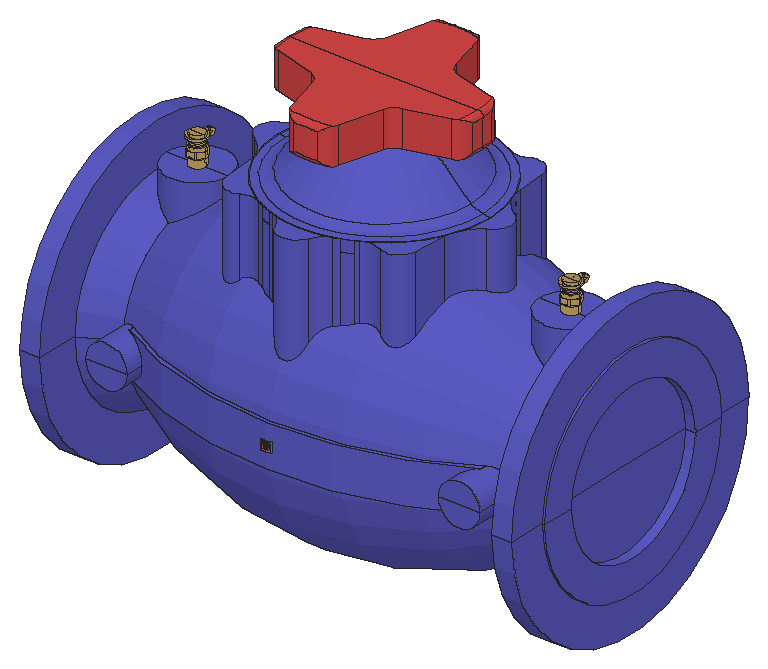
Revit family "Strangregulierventil für Differenzdruckmessung, Geradsitzform 4218 GMF", category Rohrzubehör, Revit 2020
Family settings
  Bemaßung runder Anschluss = Durchmesser verwenden
  Teiletyp = Unterbricht
  OmniClass-Nummer = 23.65.55.14
  OmniClass-Titel = Valves for Liquid Services
  Arbeitsebenenbasiert = Nein
  Immer vertikal = Ja
  Beim Laden mit Abzugskörper schneiden = Nein
  Gemeinsam genutzt = Nein
Parameters
  kvs-Wert [instance] = if(Nennweite = 25.00 mm, 11.53, if(Nennweite = 32.00 mm, 16.6, if(Nennweite = 40.00 mm, 28.6, if(Nennweite = 50.00 mm, 37.84, if(Nennweite = 65.00 mm, 60.3, if(Nennweite = 80.00 mm, 67.8, if(Nennweite = 100.00 mm, 99.55, if(Nennweite = 125.00 mm, 186.58, if(Nennweite = 150.00 mm, 279.05, 0)))))))))  # 279.05
  W02 = 60.00°  # constant formula
  W01 [instance] = if(Nennweite = 25.00 mm, 10.00°, if(Nennweite = 32.00 mm, 10.00°, if(Nennweite = 40.00 mm, 15.00°, if(Nennweite = 50.00 mm, 10.00°, if(Nennweite = 65.00 mm, 25.00°, if(Nennweite = 80.00 mm, 25.00°, 0.80°))))))  # 0.80°
  Vorgabe-Ansicht = 0.00 mm
  Ventiloberteil (bis DN100) = "Messing"  # constant formula
  Ventiloberteil (ab DN125) = "Grauguss"  # constant formula
  Ventilgehäuse = "Grauguss GJL 250 nach EN 1561"  # constant formula
  URL = "www.herz-armaturen.at"
  SCRNSEQ = "ARM;ARM_TYP=\"STRV\";2"
  SCRNCODE = "05;07;02"  # constant formula
  S01 [instance] = Nennweite + 10.00 mm  # 160.00 mm
  R02 [instance] = size_lookup("4218_GMF_", "R2", 1.00 mm, Nennweite)  # 30.00 mm
  R01 [instance] = size_lookup("4218_GMF_", "R1", 1.00 mm, Nennweite)  # 20.00 mm
  O-Ringe = "EPDM"  # constant formula
  Nennweite [instance] = 150.00 mm
  Medium = "Heizwasserqualität entsprechend ÖNORM H 5195 bzw. VDI Richtlinie 2035.\r\nEthylen und Propylenglykol können in einem Verhältnis von 25-50 vol. [%] gemischt werden."
  Max. Betriebstemperatur (bis DN32) = 130 °C  # constant formula
  Max. Betriebstemperatur (ab DN40) = 110 °C  # constant formula
  Max. Betriebsdruck = 1600000.0 Pa  # constant formula
  L03 [instance] = size_lookup("4218_GMF_", "L3", 1.00 mm, Nennweite)  # 180.00 mm
  L02 [instance] = size_lookup("4218_GMF_", "L2", 1.00 mm, Nennweite)  # 170.00 mm
  L01 [instance] = size_lookup("4218_GMF_", "L1", 1.00 mm, Nennweite)  # 185.00 mm
  L00 [instance] = size_lookup("4218_GMF_", "L", 1.00 mm, Nennweite)  # 480.00 mm
  Hersteller = "HERZ Armaturen Ges.m.b.H."  # constant formula
  H08 [instance] = H02 + H04  # 238.50 mm
  H07 = 10.00 mm  # constant formula
  H06 [instance] = size_lookup("4218_GMF_", "H6", 1.00 mm, Nennweite)  # 56.00 mm
  H05 [instance] = size_lookup("4218_GMF_", "H5", 1.00 mm, Nennweite)  # 11.00 mm
  H04 [instance] = size_lookup("4218_GMF_", "H4", 1.00 mm, Nennweite)  # 78.50 mm
  H03 [instance] = size_lookup("4218_GMF_", "H3", 1.00 mm, Nennweite)  # 118.00 mm
  H02N [instance] = H02 + 11.00 mm  # 171.00 mm
  H02 [instance] = size_lookup("4218_GMF_", "H2", 1.00 mm, Nennweite)  # 160.00 mm
  H01 [instance] = size_lookup("4218_GMF_", "H1", 1.00 mm, Nennweite)  # 122.00 mm
  GT = 10.00 mm  # constant formula
  FLL02 [instance] = size_lookup("4218_GMF_", "FLL2", 1.00 mm, Nennweite)  # 19.00 mm
  FLL01 [instance] = size_lookup("4218_GMF_", "FLL1", 1.00 mm, Nennweite)  # 3.00 mm
  FLD03 [instance] = size_lookup("4218_GMF_", "FLD3", 1.00 mm, Nennweite)  # 84.20 mm
  FLD02 [instance] = size_lookup("4218_GMF_", "FLD2", 1.00 mm, Nennweite)  # 101.00 mm
  FLD01 [instance] = size_lookup("4218_GMF_", "FLD1", 1.00 mm, Nennweite)  # 106.00 mm
  FLD00 [instance] = size_lookup("4218_GMF_", "FLD", 1.00 mm, Nennweite)  # 142.50 mm
  Differenzdruckmessnung = "Das STRÖMAX-GMF Strangregulierventil ist mit zwei Schnellmessventilen ausgestattet:\r\nBei Verwendung eines geeigneten Messgerätes kann der Differenzdruck gemessen und dadurch die jeweilige Durchflussmenge in Abhängigkeit der Einstellstufe ermittelt werden.\r\nAn den HERZ-Messcomputern ist außerdem direkt die jeweilige Durchflussmenge ablesbar (siehe Gerätehandbuch)."
  DN80 [instance] = Nennweite = 80.00 mm  # no
  DN65 [instance] = Nennweite = 65.00 mm  # no
  DN50-DN80 [instance] = or(Nennweite = 50.00 mm, Nennweite = 65.00 mm, Nennweite = 80.00 mm)  # no
  DN50 [instance] = Nennweite = 50.00 mm  # no
  DN40 [instance] = Nennweite = 40.00 mm  # no
  DN32 [instance] = Nennweite = 32.00 mm  # no
  DN25-DN40 [instance] = or(Nennweite = 25.00 mm, Nennweite = 32.00 mm, Nennweite = 40.00 mm)  # no
  DN25 [instance] = Nennweite = 25.00 mm  # no
  DN150 [instance] = Nennweite = 150.00 mm  # yes
  DN125 [instance] = Nennweite = 125.00 mm  # no
  DN100-DN125 [instance] = or(Nennweite = 100.00 mm, Nennweite = 125.00 mm, Nennweite = 150.00 mm)  # yes
  DN100 [instance] = Nennweite = 100.00 mm  # no
  D04 [instance] = size_lookup("4218_GMF_", "D4", 1.00 mm, Nennweite)  # 15.00 mm
  D03 [instance] = size_lookup("4218_GMF_", "D3", 1.00 mm, Nennweite)  # 16.00 mm
  D02 [instance] = size_lookup("4218_GMF_", "D2", 1.00 mm, Nennweite)  # 17.00 mm
  D01 [instance] = size_lookup("4218_GMF_", "D1", 1.00 mm, Nennweite)  # 102.50 mm
  D00 [instance] = size_lookup("4218_GMF_", "D", 1.00 mm, Nennweite)  # 140.00 mm
  Bestellnummer [instance] = size_lookup("4218_GMF_", "Artnr", 0, Nennweite)  # 1421851
  BH02 [instance] = -BH01  # -20.00 mm
  BH01 [instance] = if(Nennweite = 25.00 mm, 12.00 mm, if(Nennweite = 32.00 mm, 12.50 mm, if(Nennweite = 40.00 mm, 12.50 mm, if(Nennweite = 50.00 mm, 12.50 mm, if(Nennweite = 65.00 mm, 15.00 mm, if(Nennweite = 80.00 mm, 16.00 mm, if(Nennweite = 100.00 mm, 17.50 mm, if(Nennweite = 125.00 mm, 17.50 mm, if(Nennweite = 150.00 mm, 20.00 mm, 1.00 mm)))))))))  # 20.00 mm
  Ausführung = "Geradsitzform, Gehäuse Grauguss GJL 250 nach EN 1561, Flansche nach EN 1092, PN 16; blau lackiert.\r\nMessing Oberteil bis DN 100 geschraubt, ab DN 125 Ventiloberteil Grauguss mit nicht steigender Spindel, Spindelabdichtung durch Doppel-O-Ring.\r\nVoreinstellung durch Hubbegrenzung mittels Innenspindel, digitale Anzeige der Voreinstellstufe im Handradfenster.\r\nZwei Schnellmessventile sind neben dem Handrad montiert."
  Anwendungen = "Zum hydraulischen Abgleich in Heiz- oder Kühlanlagen, Einregulieren und Absperren von Verteilleitungen, Strängen, Wärmetauschern, Heiz- und Kühlregistern."
  Anschluss [instance] = Nennweite / 2  # 75.00 mm
Reference planes
  plane 1 "Mitte (Vorne/hinten)": y = 0
  plane 2: z = 0
  plane 3 "Mitte (Links/rechts)": x = 0
Forms (mm)
  Revolve 1, solid, material "Herz-Marineblau", detail levels fine
    sketch origin (1058.943, 0, 0) x (1, 0, 0) y (0, 1, 0)
      loop
        line (-1295.943, 142.5) -> (-1295.943, 106) -> (-1298.943, 106) -> (-1298.943, 75) -> (-1288.943, 75) -> (-1288.943, 0) -> (-828.943, 0) -> (-828.943, 75) -> (-818.943, 75) -> (-818.943, 106) -> (-821.943, 106) -> (-821.943, 142.5) -> (-840.943, 142.5) -> (-840.943, 101) -> (-873.943, 84.2)
        arc (-873.943, 84.2) -> (-1058.943, 140) -> (-1243.943, 84.2) r 334.576
        line (-1243.943, 84.2) -> (-1276.943, 101) -> (-1276.943, 142.5) -> (-1295.943, 142.5)
      axis (-1298.943, 0) -> (-818.943, 0)
    angle from 0 to 360
  Revolve 2, solid, material "Herz-Marineblau", detail levels fine
    sketch origin (0, 0, 0) x (1, 0, 0) y (0, 1, 0)
      loop
        line (-170, 122) -> (-190, 122) -> (-190, -122) -> (-170, -122) -> (-170, 122)
      axis (-170, 122) -> (-170, -122)
    angle from 0 to 360
  Revolve 3, solid, material "Herz-Marineblau", detail levels fine
    sketch origin (0, 0, 0) x (-1, 0, 0) y (0, 1, 0)
      loop
        line (-170, 122) -> (-190, 122) -> (-190, -122) -> (-170, -122) -> (-170, 122)
      axis (-170, 122) -> (-170, -122)
    angle from 0 to 360
  Revolve 4, solid, material "Herz-Marineblau", detail levels fine
    sketch origin (0, 0, 0) x (1, 0, 0) y (0, 0, 1)
      loop
        line (0, 0) -> (0, 160) -> (-102.5, 160) -> (-102.5, 0) -> (0, 0)
      axis (0, 160) -> (0, 0)
    angle from 0 to 360
  Revolve 5, solid, material "Herz-Marineblau", detail levels fine
    sketch origin (0, 0, 0) x (1, 0, 0) y (0, 0, 1)
      loop
        line (-178.413, 4.322) -> (-148.416, 4.741) -> (-150.003, 118.419) -> (-180, 118) -> (-178.413, 4.322)
      axis (-180, 118) -> (-178.413, 4.322)
    angle from 0 to 360
  Revolve 6, solid, material "Herz-Marineblau", detail levels fine
    sketch origin (0, 0, 0) x (-1, 0, 0) y (0, 0, 1)
      loop
        line (-178.413, 4.322) -> (-148.416, 4.741) -> (-150.003, 118.419) -> (-180, 118) -> (-178.413, 4.322)
      axis (-180, 118) -> (-178.413, 4.322)
    angle from 0 to 360
  Extrusion 7, solid, material "Herz-Marineblau", visible <- "DN25", detail levels fine
    sketch origin (0, 0, 0) x (1, 0, 0) y (0, 1, 0)
      loop
        line (-40, 18.232) -> (-40, -18.232)
        arc (-40, -18.232) -> (0, -31) -> (40, -18.232) r 69.038
        line (40, -18.232) -> (40, 18.232)
        arc (40, 18.232) -> (0, 31) -> (-40, 18.232) r 69.038
    from -20 <- "BH02" to 20 <- "BH01"
  Extrusion 8, solid, material "Herz-Marineblau", visible <- "DN32", detail levels fine
    sketch origin (0, 0, 0) x (1, 0, 0) y (0, 1, 0)
      loop
        line (-50, 21.35) -> (-50, -21.35)
        arc (-50, -21.35) -> (0, -37) -> (50, -21.35) r 87.698
        line (50, -21.35) -> (50, 21.35)
        arc (50, 21.35) -> (0, 37) -> (-50, 21.35) r 87.698
    from -20 <- "BH02" to 20 <- "BH01"
  Extrusion 9, solid, material "Herz-Marineblau", visible <- "DN40", detail levels fine
    sketch origin (0, 0, 0) x (1, 0, 0) y (0, 1, 0)
      loop
        arc (-60, -22.89) -> (0, -39) -> (60, -22.89) r 119.787
        line (60, -22.89) -> (60, 22.89)
        arc (60, 22.89) -> (0, 39) -> (-60, 22.89) r 119.787
        line (-60, 22.89) -> (-60, -22.89)
    from -20 <- "BH02" to 20 <- "BH01"
  Extrusion 10, solid, material "Herz-Marineblau", visible <- "DN50", detail levels fine
    sketch origin (0, 0, 0) x (1, 0, 0) y (0, 1, 0)
      loop
        line (70, -31.244) -> (70, 31.244)
        arc (70, 31.244) -> (0, 44) -> (-70, 31.244) r 198.442
        line (-70, 31.244) -> (-70, -31.244)
        arc (-70, -31.244) -> (0, -44) -> (70, -31.244) r 198.442
    from -20 <- "BH02" to 20 <- "BH01"
  Extrusion 11, solid, material "Herz-Marineblau", visible <- "DN65", detail levels fine
    sketch origin (0, 0, 0) x (1, 0, 0) y (0, 1, 0)
      loop
        line (-89, 42.065) -> (-89, -42.065)
        arc (-89, -42.065) -> (0, -53) -> (89, -42.065) r 367.662
        line (89, -42.065) -> (89, 42.065)
        arc (89, 42.065) -> (0, 53) -> (-89, 42.065) r 367.662
    from -20 <- "BH02" to 20 <- "BH01"
  Extrusion 12, solid, material "Herz-Marineblau", visible <- "DN80", detail levels fine
    sketch origin (0, 0, 0) x (1, 0, 0) y (0, 1, 0)
      loop
        arc (-100, -47.474) -> (0, -56.538) -> (100, -47.474) r 556.156
        line (100, -47.474) -> (100, 47.474)
        arc (100, 47.474) -> (0, 56.538) -> (-100, 47.474) r 556.156
        line (-100, 47.474) -> (-100, -47.474)
    from -20 <- "BH02" to 20 <- "BH01"
  Extrusion 13, solid, material "Herz-Marineblau", visible <- "DN100", detail levels fine
    sketch origin (0, 0, 0) x (1, 0, 0) y (0, 1, 0)
      loop
        line (-118, 61.457) -> (-118, -61.457)
        arc (-118, -61.457) -> (0, -84.506) -> (118, -61.457) r 313.571
        line (118, -61.457) -> (118, 61.457)
        arc (118, 61.457) -> (0, 84.506) -> (-118, 61.457) r 313.571
    from -20 <- "BH02" to 20 <- "BH01"
  Extrusion 14, solid, material "Herz-Marineblau", visible <- "DN125", detail levels fine
    sketch origin (0, 0, 0) x (1, 0, 0) y (0, 1, 0)
      loop
        line (-140, 76.087) -> (-140, -76.087)
        arc (-140, -76.087) -> (0, -121.009) -> (140, -76.087) r 240.621
        line (140, -76.087) -> (140, 76.087)
        arc (140, 76.087) -> (0, 121.009) -> (-140, 76.087) r 240.621
    from -20 <- "BH02" to 20 <- "BH01"
  Extrusion 15, solid, material "Herz-Marineblau", visible <- "DN150", detail levels fine
    sketch origin (0, 0, 0) x (1, 0, 0) y (0, 1, 0)
      loop
        arc (-170, -95.905) -> (0, -141.967) -> (170, -95.905) r 336.739
        line (170, -95.905) -> (170, 95.905)
        arc (170, 95.905) -> (0, 141.967) -> (-170, 95.905) r 336.739
        line (-170, 95.905) -> (-170, -95.905)
    from -20 <- "BH02" to 20 <- "BH01"
  Extrusion 16, solid, material "Herz-Marineblau", visible <- "DN125", detail levels fine
    sketch origin (0, 0, 0) x (1, 0, 0) y (0, 1, 0)
      loop
        arc (15.676, 98.149) -> (0, 109.5) -> (-15.676, 98.149) r 16.5
        arc (-15.676, 98.149) -> (-20.502, 90.282) -> (-28.346, 85.419) r 20
        arc (-28.346, 85.419) -> (-34.369, 83.168) -> (-40.215, 80.492) r 90
        arc (-40.215, 80.492) -> (-49.468, 78.32) -> (-58.678, 80.663) r 20
        arc (-58.678, 80.663) -> (-75.166, 79.318) -> (-82.2, 64.344) r 16.5
        line (-82.2, 64.344) -> (-85.23, 28.819)
        arc (-85.23, 28.819) -> (-90.21, 20.539) -> (-98.49, 15.56) r 20
        arc (-98.49, 15.56) -> (-109.5, 0) -> (-98.49, -15.56) r 16.5
        arc (-98.49, -15.56) -> (-90.21, -20.539) -> (-85.23, -28.819) r 20
        line (-85.23, -28.819) -> (-82.2, -64.344)
        arc (-82.2, -64.344) -> (-75.166, -79.318) -> (-58.678, -80.663) r 16.5
        arc (-58.678, -80.663) -> (-49.468, -78.32) -> (-40.215, -80.492) r 20
        arc (-40.215, -80.492) -> (-34.369, -83.168) -> (-28.346, -85.419) r 90
        arc (-28.346, -85.419) -> (-20.502, -90.282) -> (-15.676, -98.149) r 20
        arc (-15.676, -98.149) -> (0, -109.5) -> (15.676, -98.149) r 16.5
        arc (15.676, -98.149) -> (20.502, -90.282) -> (28.346, -85.419) r 20
        arc (28.346, -85.419) -> (34.369, -83.168) -> (40.215, -80.492) r 90
        arc (40.215, -80.492) -> (49.468, -78.32) -> (58.678, -80.663) r 20
        arc (58.678, -80.663) -> (75.166, -79.318) -> (82.2, -64.344) r 16.5
        line (82.2, -64.344) -> (85.23, -28.819)
        arc (85.23, -28.819) -> (90.21, -20.539) -> (98.49, -15.56) r 20
        arc (98.49, -15.56) -> (109.5, 0) -> (98.49, 15.56) r 16.5
        arc (98.49, 15.56) -> (90.21, 20.539) -> (85.23, 28.819) r 20
        line (85.23, 28.819) -> (82.2, 64.344)
        arc (82.2, 64.344) -> (75.166, 79.318) -> (58.678, 80.663) r 16.5
        arc (58.678, 80.663) -> (49.468, 78.32) -> (40.215, 80.492) r 20
        arc (40.215, 80.492) -> (34.369, 83.168) -> (28.346, 85.419) r 90
        arc (28.346, 85.419) -> (20.502, 90.282) -> (15.676, 98.149) r 20
    from 0 to 171 <- "H02N"
  Extrusion 17, solid, material "Herz-Marineblau", visible <- "DN150", detail levels fine
    sketch origin (0, 0, 0) x (1, 0, 0) y (0, 1, 0)
      loop
        arc (16.1, 110.958) -> (0, 122.5) -> (-16.1, 110.958) r 17
        arc (-16.1, 110.958) -> (-21.16, 102.981) -> (-29.318, 98.218) r 19.995
        arc (-29.318, 98.218) -> (-39.225, 94.698) -> (-48.72, 90.181) r 102.5
        arc (-48.72, 90.181) -> (-57.856, 87.781) -> (-67.075, 89.844) r 19.995
        arc (-67.075, 89.844) -> (-82.996, 89.381) -> (-91.547, 75.943) r 17
        line (-91.547, 75.943) -> (-94.4, 39.936)
        arc (-94.4, 39.936) -> (-101.42, 25.402) -> (-113.679, 14.903) r 39.4
        arc (-113.679, 14.903) -> (-122.5, 0) -> (-113.679, -14.903) r 17
        arc (-113.679, -14.903) -> (-101.42, -25.402) -> (-94.4, -39.936) r 39.4
        line (-94.4, -39.936) -> (-91.547, -75.943)
        arc (-91.547, -75.943) -> (-82.996, -89.381) -> (-67.075, -89.844) r 17
        arc (-67.075, -89.844) -> (-57.856, -87.781) -> (-48.72, -90.181) r 19.995
        arc (-48.72, -90.181) -> (-39.225, -94.698) -> (-29.318, -98.218) r 102.5
        arc (-29.318, -98.218) -> (-21.16, -102.981) -> (-16.1, -110.958) r 19.995
        arc (-16.1, -110.958) -> (0, -122.5) -> (16.1, -110.958) r 17
        arc (16.1, -110.958) -> (21.16, -102.981) -> (29.318, -98.218) r 19.995
        arc (29.318, -98.218) -> (39.225, -94.698) -> (48.72, -90.181) r 102.5
        arc (48.72, -90.181) -> (57.856, -87.781) -> (67.075, -89.844) r 19.995
        arc (67.075, -89.844) -> (82.996, -89.381) -> (91.547, -75.943) r 17
        line (91.547, -75.943) -> (93.96, -45.484)
        arc (93.96, -45.484) -> (99.132, -28.867) -> (110.958, -16.1) r 39.4
        arc (110.958, -16.1) -> (122.5, 0) -> (110.958, 16.1) r 17
        arc (110.958, 16.1) -> (99.132, 28.867) -> (93.96, 45.484) r 39.4
        line (93.96, 45.484) -> (91.547, 75.943)
        arc (91.547, 75.943) -> (82.996, 89.381) -> (67.075, 89.844) r 17
        arc (67.075, 89.844) -> (57.856, 87.781) -> (48.72, 90.181) r 19.995
        arc (48.72, 90.181) -> (39.225, 94.698) -> (29.318, 98.218) r 102.5
        arc (29.318, 98.218) -> (21.16, 102.981) -> (16.1, 110.958) r 19.995
    from 0 to 171 <- "H02N"
  Revolve 18, solid, material "Herz-Marineblau", detail levels fine
    sketch origin (0, 0, 0) x (1, 0, 0) y (0, 0, 1)
      loop
        line (0, 160) -> (0, 238.5) -> (-15, 238.5) -> (-15, 228.5) -> (-16, 228.5) -> (-16, 227) -> (-17, 227) -> (-17, 171) -> (-102.5, 171) -> (-102.5, 160) -> (0, 160)
      axis (0, 238.5) -> (0, 160)
    angle from 0 to 360
  Revolve 19, solid, material "Herz-Marineblau", visible <- "DN125", detail levels fine
    sketch origin (0, 0, 143) x (1, 0, 0) y (0, 0, 1)
      loop
        line (0, 0) -> (0, 62) -> (-15, 62) -> (-15, 52) -> (-21.8, 52)
        arc (-21.8, 52) -> (-23.44, 48.297) -> (-27.284, 47.023) r 5
        arc (-27.284, 47.023) -> (-30.294, 46.63) -> (-32.827, 44.959) r 6.752
        arc (-32.827, 44.959) -> (-52.854, 27.042) -> (-71.197, 7.406) r 300
        arc (-71.197, 7.406) -> (-77.249, 2.612) -> (-84.666, 0.467) r 20
        line (-84.666, 0.467) -> (-90, 0) -> (0, 0)
      axis (0, 62) -> (0, 0)
    angle from 0 to 360
  Revolve 20, solid, material "Herz-Marineblau", visible <- "DN150", detail levels fine
    sketch origin (0, 0, 171) x (1, 0, 0) y (0, 0, 1)
      loop
        line (0, 67.5) -> (-15, 67.5) -> (-15, 57.5) -> (-21.8, 57.5)
        arc (-21.8, 57.5) -> (-23.44, 53.797) -> (-27.284, 52.523) r 5
        arc (-27.284, 52.523) -> (-29.026, 52.21) -> (-30.549, 51.31) r 5
        arc (-30.549, 51.31) -> (-58.499, 29.932) -> (-83.754, 5.428) r 300
        arc (-83.754, 5.428) -> (-89.037, 2.148) -> (-95.072, 0.65) r 20
        line (-95.072, 0.65) -> (-102.5, 0) -> (0, 0) -> (0, 67.5)
      axis (0, 67.5) -> (0, 0)
    angle from 0 to 360
Lines and regions (mm)
  model lines, detail levels coarse+medium
    curve 1: line (-240, 0, 142.5) -> (-240, 0, -142.5)
    curve 2: line (-240, 0, -142.5) -> (240, 0, 142.5)
    curve 3: line (240, 0, 142.5) -> (240, 0, -142.5)
    curve 4: line (240, 0, -142.5) -> (-240, 0, 142.5)
    curve 5: line (0, 0, 0) -> (137.698, 0, 238.5)
    curve 6: line (68.416, 0, 278.5) -> (206.98, 0, 198.5)
    curve 7: line (-240, 142.5, 0) -> (-240, -142.5, 0)
    curve 8: line (-240, -142.5, 0) -> (240, 142.5, 0)
    curve 9: line (240, 142.5, 0) -> (240, -142.5, 0)
    curve 10: line (240, -142.5, 0) -> (-240, 142.5, 0)
    curve 11: line (0, 0, 0) -> (137.698, 238.5, 0)
    curve 12: line (68.416, 278.5, 0) -> (206.98, 198.5, 0)
Dimensions and locks
  "FLD00": plane 1 "Mitte (Vorne/hinten)" to Revolve 1 sketch curve
  "FLD01": plane 1 "Mitte (Vorne/hinten)" to Revolve 1 sketch curve
  "FLD02": plane 1 "Mitte (Vorne/hinten)" to Revolve 1 sketch curve  (x2)
  "FLD03": plane 1 "Mitte (Vorne/hinten)" to Revolve 1 sketch curve  (x2)
  "GT": Revolve 1 sketch curve to Revolve 1 sketch curve  (x2)
  "FLL01": Revolve 1 sketch curve to Revolve 1 sketch curve  (x2)
  "FLL02": Revolve 1 sketch curve to Revolve 1 sketch curve  (x2)
  equal spacing: Revolve 1 sketch curve, plane 3 "Mitte (Links/rechts)", Revolve 1 sketch curve
  "Anschluss": Revolve 1 sketch curve to plane 1 "Mitte (Vorne/hinten)"
  "Anschluss": plane 1 "Mitte (Vorne/hinten)" to Revolve 1 sketch curve
  "FLD01": Revolve 1 sketch curve to plane 1 "Mitte (Vorne/hinten)"
  "FLD00": Revolve 1 sketch curve to plane 1 "Mitte (Vorne/hinten)"
  "L00": Revolve 1 sketch curve to Revolve 1 sketch curve
  "D00": plane 1 "Mitte (Vorne/hinten)" to Revolve 1 sketch curve
  "L01": Revolve 1 sketch curve to plane 3 "Mitte (Links/rechts)" to Revolve 1 sketch curve
  "L02": Revolve 2 sketch curve to plane 3 "Mitte (Links/rechts)"
  "R01": Revolve 2 sketch curve to Revolve 2 sketch curve
  "H01": Revolve 2 sketch curve to plane 1 "Mitte (Vorne/hinten)" to Revolve 2 sketch curve
  "L02": plane 3 "Mitte (Links/rechts)" to Revolve 3 sketch curve
  "R01": Revolve 3 sketch curve to Revolve 3 sketch curve
  "H01": Revolve 3 sketch curve to plane 1 "Mitte (Vorne/hinten)" to Revolve 3 sketch curve
  "D01": plane 3 "Mitte (Links/rechts)" to Revolve 4 sketch curve
  "H02": Revolve 4 sketch curve to plane 2
  "H03": Revolve 5 sketch curve to plane 2  (x2)
  "R02": Revolve 5 sketch curve to Revolve 5 sketch curve
  "L03": plane 3 "Mitte (Links/rechts)" to Revolve 5 sketch curve  (x2)
  "R02": Revolve 6 sketch curve to Revolve 6 sketch curve
  "L03": Revolve 6 sketch curve to plane 3 "Mitte (Links/rechts)"  (x2)
  "H03": Revolve 6 sketch curve to plane 2  (x2)
  "D01": plane 3 "Mitte (Links/rechts)" to Revolve 18 sketch curve
  "D02": plane 3 "Mitte (Links/rechts)" to Revolve 18 sketch curve
  "D03": plane 3 "Mitte (Links/rechts)" to Revolve 18 sketch curve
  "D04": plane 3 "Mitte (Links/rechts)" to Revolve 18 sketch curve
  "H02": Revolve 18 sketch curve to plane 2
  "H04": Revolve 18 sketch curve to Revolve 18 sketch curve
  "H05": Revolve 18 sketch curve to Revolve 18 sketch curve
  "H06": Revolve 18 sketch curve to Revolve 18 sketch curve
  "H07": Revolve 18 sketch curve to Revolve 18 sketch curve
  "H08": nested 28 to plane 2
  "H08": nested 29 to plane 2
  "H08": nested 30 to plane 2
  "FLD00": curve 4 to plane 2 to curve 2
  "FLD00": curve 3 to plane 2 to curve 4
  equal spacing: curve 1, plane 3 "Mitte (Links/rechts)", curve 3
  "L00": curve 1 to curve 3
  equal spacing: curve 1, curve 5, curve 3
  "H08": curve 5 to plane 2
  equal spacing: curve 6, curve 5, curve 6
  "S01": curve 6 to curve 6
  "FLD00": curve 8 to plane 1 "Mitte (Vorne/hinten)" to curve 10
  "FLD00": curve 10 to plane 1 "Mitte (Vorne/hinten)" to curve 9
  equal spacing: curve 7, plane 3 "Mitte (Links/rechts)", curve 9
  "L00": curve 7 to curve 9
  equal spacing: curve 7, curve 11, curve 9
  "H08": plane 1 "Mitte (Vorne/hinten)" to curve 11
  equal spacing: curve 12, curve 11, curve 12
  "S01": curve 12 to curve 12
  "W01": angle plane 3 "Mitte (Links/rechts)" to Revolve 5 sketch curve  (x2)
  "W01": angle Revolve 6 sketch curve to plane 3 "Mitte (Links/rechts)"  (x2)
  "W02": angle plane 2 to curve 5
  "W02": angle plane 1 "Mitte (Vorne/hinten)" to curve 11
  aligned and locked: level to plane 2
Automatic sketch dimensions
  Extrusion 7 sketch curve to plane 3 "Mitte (Links/rechts)" = 0.00 mm  (x2)
  Extrusion 7 sketch curve to plane 1 "Mitte (Vorne/hinten)" = 18.232 mm  (x2)
  Extrusion 7 sketch curve to plane 3 "Mitte (Links/rechts)" = 40.00 mm
  plane 1 "Mitte (Vorne/hinten)" to Extrusion 7 sketch curve = 18.232 mm
  plane 1 "Mitte (Vorne/hinten)" to Extrusion 7 sketch curve = 38.038 mm
  Extrusion 7 sketch curve to plane 1 "Mitte (Vorne/hinten)" = 38.038 mm
  Extrusion 8 sketch curve to plane 3 "Mitte (Links/rechts)" = 0.00 mm  (x2)
  plane 1 "Mitte (Vorne/hinten)" to Extrusion 8 sketch curve = 21.35 mm  (x2)
  Extrusion 8 sketch curve to plane 3 "Mitte (Links/rechts)" = 50.00 mm
  plane 1 "Mitte (Vorne/hinten)" to Extrusion 8 sketch curve = 50.698 mm
  Extrusion 8 sketch curve to plane 1 "Mitte (Vorne/hinten)" = 21.35 mm
  Extrusion 8 sketch curve to plane 1 "Mitte (Vorne/hinten)" = 50.698 mm
  Extrusion 9 sketch curve to plane 3 "Mitte (Links/rechts)" = 0.00 mm  (x2)
  Extrusion 9 sketch curve to plane 1 "Mitte (Vorne/hinten)" = 22.89 mm  (x2)
  Extrusion 9 sketch curve to plane 3 "Mitte (Links/rechts)" = 60.00 mm
  plane 1 "Mitte (Vorne/hinten)" to Extrusion 9 sketch curve = 22.89 mm
  plane 1 "Mitte (Vorne/hinten)" to Extrusion 9 sketch curve = 80.787 mm
  Extrusion 9 sketch curve to plane 1 "Mitte (Vorne/hinten)" = 80.787 mm
  Extrusion 10 sketch curve to plane 3 "Mitte (Links/rechts)" = 0.00 mm  (x2)
  plane 1 "Mitte (Vorne/hinten)" to Extrusion 10 sketch curve = 31.244 mm  (x2)
  Extrusion 10 sketch curve to plane 3 "Mitte (Links/rechts)" = 70.00 mm
  Extrusion 10 sketch curve to Extrusion 10 sketch curve = 123.198 mm  (x2)
  Extrusion 10 sketch curve to plane 1 "Mitte (Vorne/hinten)" = 31.244 mm
  Extrusion 11 sketch curve to plane 3 "Mitte (Links/rechts)" = 0.00 mm  (x2)
  plane 1 "Mitte (Vorne/hinten)" to Extrusion 11 sketch curve = 42.065 mm  (x2)
  Extrusion 11 sketch curve to plane 3 "Mitte (Links/rechts)" = 89.00 mm
  Extrusion 11 sketch curve to Extrusion 11 sketch curve = 272.597 mm  (x2)
  Extrusion 11 sketch curve to plane 1 "Mitte (Vorne/hinten)" = 42.065 mm
  Extrusion 12 sketch curve to plane 3 "Mitte (Links/rechts)" = 0.00 mm  (x2)
  Extrusion 12 sketch curve to plane 1 "Mitte (Vorne/hinten)" = 47.474 mm
  Extrusion 12 sketch curve to plane 3 "Mitte (Links/rechts)" = 100.00 mm
  plane 1 "Mitte (Vorne/hinten)" to Extrusion 12 sketch curve = 47.474 mm
  plane 3 "Mitte (Links/rechts)" to Extrusion 12 sketch curve = 100.00 mm
  Extrusion 12 sketch curve to Extrusion 12 sketch curve = 452.143 mm  (x2)
  Extrusion 13 sketch curve to plane 3 "Mitte (Links/rechts)" = 0.00 mm  (x2)
  plane 1 "Mitte (Vorne/hinten)" to Extrusion 13 sketch curve = 61.457 mm  (x2)
  Extrusion 13 sketch curve to plane 3 "Mitte (Links/rechts)" = 118.00 mm
  Extrusion 13 sketch curve to Extrusion 13 sketch curve = 167.608 mm  (x2)
  Extrusion 13 sketch curve to plane 1 "Mitte (Vorne/hinten)" = 61.457 mm
  Extrusion 14 sketch curve to plane 3 "Mitte (Links/rechts)" = 0.00 mm  (x2)
  plane 1 "Mitte (Vorne/hinten)" to Extrusion 14 sketch curve = 76.087 mm  (x2)
  Extrusion 14 sketch curve to plane 3 "Mitte (Links/rechts)" = 140.00 mm
  plane 1 "Mitte (Vorne/hinten)" to Extrusion 14 sketch curve = 119.612 mm
  Extrusion 14 sketch curve to plane 1 "Mitte (Vorne/hinten)" = 76.087 mm
  Extrusion 14 sketch curve to plane 1 "Mitte (Vorne/hinten)" = 119.612 mm
  Extrusion 15 sketch curve to plane 3 "Mitte (Links/rechts)" = 0.00 mm  (x2)
  Extrusion 15 sketch curve to plane 1 "Mitte (Vorne/hinten)" = 95.905 mm  (x2)
  Extrusion 15 sketch curve to plane 3 "Mitte (Links/rechts)" = 170.00 mm
  plane 1 "Mitte (Vorne/hinten)" to Extrusion 15 sketch curve = 95.905 mm
  plane 1 "Mitte (Vorne/hinten)" to Extrusion 15 sketch curve = 194.771 mm
  Extrusion 15 sketch curve to plane 1 "Mitte (Vorne/hinten)" = 194.771 mm
  plane 1 "Mitte (Vorne/hinten)" to Extrusion 16 sketch curve = 0.00 mm  (x2)
  Extrusion 16 sketch curve to plane 3 "Mitte (Links/rechts)" = 0.00 mm  (x2)
  plane 1 "Mitte (Vorne/hinten)" to Extrusion 16 sketch curve = 0.047 mm  (x2)
  Extrusion 16 sketch curve to plane 3 "Mitte (Links/rechts)" = 0.141 mm
  Extrusion 16 sketch curve to plane 1 "Mitte (Vorne/hinten)" = 0.047 mm  (x2)
  Extrusion 16 sketch curve to Extrusion 16 sketch curve = 0.00 mm  (x10)
  Extrusion 16 sketch curve to plane 3 "Mitte (Links/rechts)" = 34.677 mm  (x2)
  Extrusion 16 sketch curve to Extrusion 16 sketch curve = 14.605 mm  (x4)
  Extrusion 16 sketch curve to Extrusion 16 sketch curve = 16.479 mm  (x4)
  Extrusion 16 sketch curve to Extrusion 16 sketch curve = 16.439 mm  (x4)
  Extrusion 16 sketch curve to Extrusion 16 sketch curve = 3.03 mm  (x4)
  plane 1 "Mitte (Vorne/hinten)" to Extrusion 16 sketch curve = 28.819 mm  (x2)
  Extrusion 16 sketch curve to Extrusion 16 sketch curve = 7.77 mm  (x2)
  Extrusion 16 sketch curve to Extrusion 16 sketch curve = 19.122 mm  (x4)
  plane 3 "Mitte (Links/rechts)" to Extrusion 16 sketch curve = 0.141 mm
  plane 3 "Mitte (Links/rechts)" to Extrusion 16 sketch curve = 34.677 mm  (x2)
  Extrusion 16 sketch curve to Extrusion 16 sketch curve = 5.862 mm  (x4)
  Extrusion 16 sketch curve to Extrusion 16 sketch curve = 35.525 mm  (x4)
  Extrusion 16 sketch curve to Extrusion 16 sketch curve = 1.417 mm  (x4)
  Extrusion 16 sketch curve to Extrusion 16 sketch curve = 27.239 mm  (x2)
  Extrusion 16 sketch curve to Extrusion 16 sketch curve = 32.558 mm  (x4)
  Extrusion 16 sketch curve to Extrusion 16 sketch curve = 6.072 mm  (x4)
  Extrusion 16 sketch curve to plane 1 "Mitte (Vorne/hinten)" = 28.819 mm  (x2)
  Extrusion 16 sketch curve to plane 3 "Mitte (Links/rechts)" = 15.676 mm  (x2)
  Extrusion 16 sketch curve to Extrusion 16 sketch curve = 11.869 mm  (x4)
  Extrusion 16 sketch curve to plane 1 "Mitte (Vorne/hinten)" = 15.56 mm
  plane 1 "Mitte (Vorne/hinten)" to Extrusion 16 sketch curve = 15.56 mm
  Extrusion 17 sketch curve to Extrusion 17 sketch curve = 0.00 mm  (x25)
  plane 1 "Mitte (Vorne/hinten)" to Extrusion 17 sketch curve = 0.00 mm  (x3)
  Extrusion 17 sketch curve to plane 3 "Mitte (Links/rechts)" = 0.00 mm  (x3)
  Extrusion 17 sketch curve to plane 3 "Mitte (Links/rechts)" = 35.037 mm  (x2)
  Extrusion 17 sketch curve to Extrusion 17 sketch curve = 23.187 mm  (x4)
  Extrusion 17 sketch curve to Extrusion 17 sketch curve = 16.376 mm  (x4)
  Extrusion 17 sketch curve to Extrusion 17 sketch curve = 16.947 mm  (x4)
  Extrusion 17 sketch curve to plane 1 "Mitte (Vorne/hinten)" = 39.936 mm
  Extrusion 17 sketch curve to Extrusion 17 sketch curve = 2.853 mm  (x2)
  plane 1 "Mitte (Vorne/hinten)" to Extrusion 17 sketch curve = 39.936 mm
  Extrusion 17 sketch curve to Extrusion 17 sketch curve = 11.10 mm
  Extrusion 17 sketch curve to Extrusion 17 sketch curve = 38.236 mm  (x2)
  plane 3 "Mitte (Links/rechts)" to Extrusion 17 sketch curve = 35.037 mm  (x2)
  plane 1 "Mitte (Vorne/hinten)" to Extrusion 17 sketch curve = 45.484 mm
  Extrusion 17 sketch curve to Extrusion 17 sketch curve = 2.414 mm  (x2)
  Extrusion 17 sketch curve to plane 1 "Mitte (Vorne/hinten)" = 45.484 mm
  Extrusion 17 sketch curve to Extrusion 17 sketch curve = 11.54 mm
  Extrusion 17 sketch curve to Extrusion 17 sketch curve = 39.277 mm  (x2)
  Extrusion 17 sketch curve to Extrusion 17 sketch curve = 3.113 mm  (x2)
  Extrusion 17 sketch curve to Extrusion 17 sketch curve = 9.507 mm  (x2)
  Extrusion 17 sketch curve to Extrusion 17 sketch curve = 29.116 mm  (x2)
  Extrusion 17 sketch curve to Extrusion 17 sketch curve = 34.664 mm  (x2)
  Extrusion 17 sketch curve to Extrusion 17 sketch curve = 1.343 mm  (x4)
  Extrusion 17 sketch curve to Extrusion 17 sketch curve = 30.90 mm  (x2)
  Extrusion 17 sketch curve to Extrusion 17 sketch curve = 33.174 mm  (x4)
  Extrusion 17 sketch curve to Extrusion 17 sketch curve = 9.604 mm  (x4)
  Extrusion 17 sketch curve to plane 3 "Mitte (Links/rechts)" = 16.10 mm  (x2)
  plane 1 "Mitte (Vorne/hinten)" to Extrusion 17 sketch curve = 16.10 mm
  Revolve 19 sketch curve to plane 3 "Mitte (Links/rechts)" = 0.00 mm  (x2)
  Revolve 19 sketch curve to Revolve 19 sketch curve = 15.00 mm
  Revolve 19 sketch curve to Revolve 19 sketch curve = 6.80 mm
  Revolve 19 sketch curve to Revolve 19 sketch curve = 5.00 mm
  Revolve 19 sketch curve to Revolve 19 sketch curve = 1.137 mm
  Revolve 19 sketch curve to Revolve 19 sketch curve = 56.729 mm
  Revolve 19 sketch curve to Revolve 19 sketch curve = 1.743 mm
  Revolve 19 sketch curve to Revolve 19 sketch curve = 5.334 mm
  Revolve 19 sketch curve to level = 44.36 mm
  plane 3 "Mitte (Links/rechts)" to Revolve 19 sketch curve = 156.983 mm
  level to Revolve 19 sketch curve = 143.00 mm
  Revolve 19 sketch curve to Revolve 19 sketch curve = 0.467 mm
  Revolve 19 sketch curve to Revolve 19 sketch curve = 19.924 mm
  Revolve 19 sketch curve to Revolve 19 sketch curve = 40.303 mm
  Revolve 19 sketch curve to Revolve 19 sketch curve = 11.697 mm
  Revolve 19 sketch curve to Revolve 19 sketch curve = 10.00 mm
  Revolve 19 sketch curve to Revolve 19 sketch curve = 0.00 mm
  Revolve 19 sketch curve to Revolve 19 sketch curve = 5.544 mm
  Revolve 19 sketch curve to level = 223.045 mm
  Revolve 19 sketch curve to Revolve 19 sketch curve = 2152.315 mm
  level to Revolve 20 sketch curve = 171.00 mm
  Revolve 20 sketch curve to plane 3 "Mitte (Links/rechts)" = 0.00 mm  (x2)
  Revolve 20 sketch curve to plane 3 "Mitte (Links/rechts)" = 15.00 mm
  Revolve 20 sketch curve to Revolve 20 sketch curve = 6.80 mm
  Revolve 20 sketch curve to Revolve 20 sketch curve = 5.00 mm
  Revolve 20 sketch curve to Revolve 20 sketch curve = 0.484 mm
  level to Revolve 20 sketch curve = 171.65 mm
  Revolve 20 sketch curve to Revolve 20 sketch curve = 67.788 mm
  Revolve 20 sketch curve to Revolve 20 sketch curve = 1.743 mm
  Revolve 20 sketch curve to Revolve 20 sketch curve = 7.428 mm
  plane 3 "Mitte (Links/rechts)" to Revolve 20 sketch curve = 137.422 mm
  Revolve 20 sketch curve to level = 26.257 mm
  Revolve 20 sketch curve to Revolve 20 sketch curve = 19.924 mm
  level to Revolve 20 sketch curve = 218.523 mm
  Revolve 20 sketch curve to Revolve 20 sketch curve = 9.977 mm
  Revolve 20 sketch curve to Revolve 20 sketch curve = 10.00 mm
  Revolve 20 sketch curve to Revolve 20 sketch curve = 3.265 mm
  Revolve 20 sketch curve to Revolve 20 sketch curve = 168.787 mm
  Revolve 20 sketch curve to Revolve 20 sketch curve = 2146.815 mm
  plane 1 "Mitte (Vorne/hinten)" to Revolve 1 sketch curve = 0.00 mm  (x2)
  Revolve 1 sketch curve to Revolve 1 sketch curve = 35.00 mm
  Revolve 1 sketch curve to Revolve 1 sketch curve = 40.00 mm
  Revolve 2 sketch curve to Revolve 2 sketch curve = 0.00 mm  (x3)
  Revolve 3 sketch curve to Revolve 3 sketch curve = 0.00 mm  (x3)
  Revolve 4 sketch curve to level = 0.00 mm
  Revolve 4 sketch curve to plane 3 "Mitte (Links/rechts)" = 0.00 mm  (x2)
  Revolve 4 sketch curve to Revolve 4 sketch curve = 366.045 mm
  Revolve 4 sketch curve to Revolve 4 sketch curve = 2169.315 mm
  level to Revolve 5 sketch curve = 4.322 mm
  Revolve 6 sketch curve to level = 4.322 mm
  Revolve 18 sketch curve to plane 3 "Mitte (Links/rechts)" = 0.00 mm  (x2)
  Revolve 18 sketch curve to level = 366.045 mm
  Revolve 18 sketch curve to Revolve 18 sketch curve = 2130.015 mm
Nested families
  nested 1: "Herz-Logo-vorne" at (0, -31, 0) x (0, 1, 0) z (0, 0, 1), visible <- "DN25", type "Herz-Logo-vorne", detail levels fine
  nested 2: "Herz-Logo-vorne" at (0, -36.982, 0) x (0, 1, 0) z (0, 0, 1), visible <- "DN32", type "Herz-Logo-vorne", detail levels fine
  nested 3: "Herz-Logo-vorne" at (0, -39, 0) x (0, 1, 0) z (0, 0, 1), visible <- "DN40", type "Herz-Logo-vorne", detail levels fine
  nested 4: "Herz-Logo-vorne" at (0, -44, 0) x (0, 1, 0) z (0, 0, 1), visible <- "DN50", type "Herz-Logo-vorne", detail levels fine
  nested 5: "Herz-Logo-vorne" at (0, -52.982, 0) x (0, 1, 0) z (0, 0, 1), visible <- "DN65", type "Herz-Logo-vorne", detail levels fine
  nested 6: "Herz-Logo-vorne" at (0, -56.521, 0) x (0, 1, 0) z (0, 0, 1), visible <- "DN80", type "Herz-Logo-vorne", detail levels fine
  nested 7: "Herz-Logo-vorne" at (0, -84.489, 0) x (0, 1, 0) z (0, 0, 1), visible <- "DN100", type "Herz-Logo-vorne", detail levels fine
  nested 8: "Herz-Logo-vorne" at (0, -120.991, 0) x (0, 1, 0) z (0, 0, 1), visible <- "DN125", type "Herz-Logo-vorne", detail levels fine
  nested 9: "Herz-Logo-vorne" at (0, -141.95, 0) x (0, 1, 0) z (0, 0, 1), visible <- "DN150", type "Herz-Logo-vorne", detail levels fine
  nested 10: "Messstutzen_Band_Austritt_senkrecht_(oben 10)" at (40.437, 0, 23.137), visible <- "DN25", type "Messstutzen_Band_Austritt_senkrecht_(oben 10)"
    with Schutzkappe yes, Nennweite 0.00 mm, Gewicht 0.00 kg, Bestellnummer 0
  nested 11: "Messstutzen_Band_Austritt_senkrecht_(oben 10)" at (46.437, 0, 23.137), visible <- "DN32", type "Messstutzen_Band_Austritt_senkrecht_(oben 10)"
    with Schutzkappe yes, Nennweite 0.00 mm, Gewicht 0.00 kg, Bestellnummer 0
  nested 12: "Messstutzen_Band_Austritt_senkrecht_(oben 15)" at (49.671, 0, 29.307), visible <- "DN40", type "Messstutzen_Band_Austritt_senkrecht_(oben 15)"
    with Schutzkappe yes, Nennweite 0.00 mm, Gewicht 0.00 kg, Bestellnummer 0
  nested 13: "Messstutzen_Band_Austritt_senkrecht_(oben 10)" at (63.437, 0, 39.137), visible <- "DN50", type "Messstutzen_Band_Austritt_senkrecht_(oben 10)"
    with Schutzkappe yes, Nennweite 0.00 mm, Gewicht 0.00 kg, Bestellnummer 0
  nested 14: "Messstutzen_Band_Austritt_senkrecht_(oben 25)" at (73.196, 0, 51.843), visible <- "DN65", type "Messstutzen_Band_Austritt_senkrecht_(oben 25)"
    with Schutzkappe yes, Nennweite 0.00 mm, Gewicht 0.00 kg, Bestellnummer 0
  nested 15: "Messstutzen_Band_Austritt_senkrecht_(oben 25)" at (81.196, 0, 56.843), visible <- "DN80", type "Messstutzen_Band_Austritt_senkrecht_(oben 25)"
    with Schutzkappe yes, Nennweite 0.00 mm, Gewicht 0.00 kg, Bestellnummer 0
  nested 16: "Messstutzen_Band_Austritt_senkrecht_(oben 0.8)" at (124.874, 0, 67.001), visible <- "DN100", type "Messstutzen_Band_Austritt_senkrecht_(oben 0.8)"
    with Schutzkappe yes, Nennweite 0.00 mm, Gewicht 0.00 kg, Bestellnummer 0
  nested 17: "Messstutzen_Band_Austritt_senkrecht_(oben 0.8)" at (153.874, 0, 91.001), visible <- "DN125", type "Messstutzen_Band_Austritt_senkrecht_(oben 0.8)"
    with Schutzkappe yes, Nennweite 0.00 mm, Gewicht 0.00 kg, Bestellnummer 0
  nested 18: "Messstutzen_Band_Austritt_senkrecht_(oben 0.8)" at (179.874, 0, 109.001), visible <- "DN150", type "Messstutzen_Band_Austritt_senkrecht_(oben 0.8)"
    with Schutzkappe yes, Nennweite 0.00 mm, Gewicht 0.00 kg, Bestellnummer 0
  nested 19: "Messstutzen_Band_Eintritt_senkrecht_(oben 10)" at (-40.437, 0, 23.137), visible <- "DN25", type "Messstutzen_Band_Eintritt_senkrecht_(oben 10)"
    with Schutzkappe yes, Nennweite 0.00 mm, Gewicht 0.00 kg, Bestellnummer 0
  nested 20: "Messstutzen_Band_Eintritt_senkrecht_(oben 10)" at (-46.437, 0, 23.137), visible <- "DN32", type "Messstutzen_Band_Eintritt_senkrecht_(oben 10)"
    with Schutzkappe yes, Nennweite 0.00 mm, Gewicht 0.00 kg, Bestellnummer 0
  nested 21: "Messstutzen_Band_Eintritt_senkrecht_(oben 15)" at (-49.671, 0, 29.307), visible <- "DN40", type "Messstutzen_Band_Eintritt_senkrecht_(oben 15)"
    with Schutzkappe yes, Nennweite 0.00 mm, Gewicht 0.00 kg, Bestellnummer 0
  nested 22: "Messstutzen_Band_Eintritt_senkrecht_(oben 10)" at (-63.437, 0, 39.137), visible <- "DN50", type "Messstutzen_Band_Eintritt_senkrecht_(oben 10)"
    with Schutzkappe yes, Nennweite 0.00 mm, Gewicht 0.00 kg, Bestellnummer 0
  nested 23: "Messstutzen_Band_Eintritt_senkrecht_(oben 25)" at (-73.196, 0, 51.843), visible <- "DN65", type "Messstutzen_Band_Eintritt_senkrecht_(oben 25)"
    with Schutzkappe yes, Nennweite 0.00 mm, Gewicht 0.00 kg, Bestellnummer 0
  nested 24: "Messstutzen_Band_Eintritt_senkrecht_(oben 25)" at (-81.196, 0, 56.843), visible <- "DN80", type "Messstutzen_Band_Eintritt_senkrecht_(oben 25)"
    with Schutzkappe yes, Nennweite 0.00 mm, Gewicht 0.00 kg, Bestellnummer 0
  nested 25: "Messstutzen_Band_Eintritt_senkrecht_(oben 0.8)" at (-124.874, 0, 67.001), visible <- "DN100", type "Messstutzen_Band_Eintritt_senkrecht_(oben 0.8)"
    with Schutzkappe yes, Nennweite 0.00 mm, Gewicht 0.00 kg, Bestellnummer 0
  nested 26: "Messstutzen_Band_Eintritt_senkrecht_(oben 0.8)" at (-153.874, 0, 91.001), visible <- "DN125", type "Messstutzen_Band_Eintritt_senkrecht_(oben 0.8)"
    with Schutzkappe yes, Nennweite 0.00 mm, Gewicht 0.00 kg, Bestellnummer 0
  nested 27: "Messstutzen_Band_Eintritt_senkrecht_(oben 0.8)" at (-179.874, 0, 109.001), visible <- "DN150", type "Messstutzen_Band_Eintritt_senkrecht_(oben 0.8)"
    with Schutzkappe yes, Nennweite 0.00 mm, Gewicht 0.00 kg, Bestellnummer 0
  nested 28: "Strangregulierventil-Handrad-Gerade (Rot) DN15-DN40" at (0, 0, 238.5), visible <- "DN25-DN40", type "Strangregulierventil-Handrad-Gerade (Rot) DN15-DN40"
    with Nennweite 0.00 mm, Gewicht 0.00 kg, Bestellnummer 0
  nested 29: "Strangregulierventil-Handrad-Gerade (Rot) DN50-DN80" at (0, 0, 238.5), visible <- "DN50-DN80", type "Strangregulierventil-Handrad-Gerade (Rot) DN50-DN80"
    with Nennweite 0.00 mm, Gewicht 0.00 kg, Bestellnummer 0
  nested 30: "Strangregulierventil-Handrad-Gerade (Rot) DN100-DN150" at (0, 0, 238.5), visible <- "DN100-DN125", type "Strangregulierventil-Handrad-Gerade (Rot) DN100-DN150"
    with Nennweite 0.00 mm, Gewicht 0.00 kg, Bestellnummer 0
Connectors
  piping at (-240, 0, 0), diameter 150, driven by "Nennweite"
    settings: on Revolve 1, index 1, connector inside diameter 609.6 mm, connector length 0.00 mm, flow factor 0, pipe flow 0.0 L/s, pressure drop 0.0 Pa, fitting loss kfactor 0, connector angle 0.00°, fixture units 0, engagement length 0.00 mm, angle of deflection 0.00°, flow configuration 0, flow direction 1, fitting loss method 0, system type 29, joint type 0, gender type 0, connector reference index -1, connector utility 0, adjustable connector no, is connector primary yes, connector description ""
  piping at (240, 0, 0), diameter 150, driven by "Nennweite"
    settings: on Revolve 1, index 2, connector inside diameter 609.6 mm, connector length 0.00 mm, flow factor 0, pipe flow 0.0 L/s, pressure drop 0.0 Pa, fitting loss kfactor 0, connector angle 0.00°, fixture units 0, engagement length 0.00 mm, angle of deflection 0.00°, flow configuration 0, flow direction 2, fitting loss method 0, system type 29, joint type 0, gender type 0, connector reference index -1, connector utility 0, adjustable connector no, is connector primary no, connector description ""
Definition of nested family "Herz-Logo-vorne"
  Parameters (values of type "Herz-Logo-vorne")
    Default Elevation = 0.00 mm
  Reference planes
    plane 1 "Mitte (Vorne/hinten)": y = 0
    plane 2: z = 0
    plane 3 "Mitte (Links/rechts)": x = 0
  Forms (mm)
    Extrusion 1, solid
      sketch origin (0.732, -0.018, 0.017) x (0, -1, 0) y (0, 0, 1)
        loop
          line (-0.018, -4.517) -> (4.482, -4.517) -> (4.482, 4.483) -> (-4.518, 4.483) -> (-4.518, -4.517) -> (-0.018, -4.517)
        loop
          line (-0.05, -3.48) -> (3.482, -3.48) -> (3.482, 3.483) -> (-3.518, 3.483) -> (-3.518, -3.48) -> (-0.05, -3.48)
        loop
          arc (-0.018, 2.383) -> (-1.543, 3.287) -> (-3.067, 2.383) r 1.738
          arc (-3.067, 2.383) -> (-3.191, 1.899) -> (-3.067, 1.415) r 1.009
          line (-3.067, 1.415) -> (-0.018, -3.281) -> (3.032, 1.415)
          arc (3.032, 1.415) -> (3.156, 1.899) -> (3.032, 2.383) r 1.009
          arc (3.032, 2.383) -> (1.507, 3.287) -> (-0.018, 2.383) r 1.738
        loop
          arc (1.885, 1.272) -> (2.005, 1.675) -> (1.885, 2.079) r 0.74
          arc (1.885, 2.079) -> (1.265, 2.416) -> (0.644, 2.079) r 0.74
          line (0.644, 2.079) -> (-0.018, 0.97) -> (-0.679, 2.079)
          arc (-0.679, 2.079) -> (-1.3, 2.416) -> (-1.921, 2.079) r 0.74
          arc (-1.921, 2.079) -> (-2.04, 1.675) -> (-1.921, 1.272) r 0.74
          line (-1.921, 1.272) -> (-0.018, -1.658) -> (1.885, 1.272)
      from 0 to 1.5
  Dimensions and locks
    aligned and locked: level to plane 2
Definition of nested family "Messstutzen_Band_Austritt_senkrecht_(oben 10)"
  Parameters (values of type "Messstutzen_Band_Austritt_senkrecht_(oben 10)")
    Default Elevation = 0.00 mm
    URL = "www.herz-armaturen.at"
    Schutzkappe [instance] = yes
    Nennweite [instance] = 0.00 mm
    Manufacturer = "Herz Armaturen GmbH"  # constant formula
    Gewicht [instance] = 0.00 kg
    Bestellnummer [instance] = 0
  Reference planes
    plane 1 "Mitte (Vorne/hinten)": y = 0
    plane 2: z = 0
    plane 3 "Mitte (Links/rechts)": x = 0
  Forms (mm)
    Revolve 1, solid, detail levels fine
      sketch origin (0, 0, 0) x (0.984808, 0, -0.173648) y (0.173648, 0, 0.984808)
        loop
          line (-7.4, 9) -> (-5.55, 9) -> (-5.55, 6)
          arc (-5.55, 6) -> (-5.626, 5.617) -> (-5.843, 5.293) r 1
          line (-5.843, 5.293) -> (-6.455, 4.681) -> (-6.455, 0.9) -> (-5.555, 0) -> (-2, 0) -> (-2, 17.5) -> (-8.4, 17.5)
          arc (-8.4, 17.5) -> (-7.693, 17.207) -> (-7.4, 16.5) r 1
          line (-7.4, 16.5) -> (-7.4, 9)
        loop
          line (-3.7, 27) -> (-7.3, 27) -> (-7.9, 26.4) -> (-7.9, 23) -> (-2, 23) -> (-2, 35.8) -> (-3.805, 35.8) -> (-4.415, 35.19) -> (-4.415, 30.863) -> (-3.7, 30.45) -> (-3.7, 27)
        axis (0, 0) -> (0, 35.8)
      angle from 0 to 360
    Extrusion 2, solid, detail levels fine
      sketch origin (3.039, 0, 17.234) x (0, 1, 0) y (-0.984808, 0, 0.173648)
        loop
          arc (-7.07, 5.156) -> (-7.578, 4.375) -> (-8, 3.544) r 8.75
          line (-8, 3.544) -> (-8, -3.544)
          arc (-8, -3.544) -> (-7.578, -4.375) -> (-7.07, -5.156) r 8.75
          line (-7.07, -5.156) -> (-0.93, -8.7)
          arc (-0.93, -8.7) -> (0, -8.75) -> (0.93, -8.7) r 8.75
          line (0.93, -8.7) -> (7.07, -5.156)
          arc (7.07, -5.156) -> (7.578, -4.375) -> (8, -3.544) r 8.75
          line (8, -3.544) -> (8, 3.544)
          arc (8, 3.544) -> (7.578, 4.375) -> (7.07, 5.156) r 8.75
          line (7.07, 5.156) -> (0.93, 8.7)
          arc (0.93, 8.7) -> (0, 8.75) -> (-0.93, 8.7) r 8.75
          line (-0.93, 8.7) -> (-7.07, 5.156)
      from 0 to 5.5
    Revolve 3, solid, visible <- "Schutzkappe", detail levels fine
      sketch origin (0, 0, 0) x (0.984808, 0, -0.173648) y (0.173648, 0, 0.984808)
        loop
          line (0, 35.878) -> (0, 36.678) -> (-7, 36.678) -> (-7, 33.378) -> (-6.1, 33.378) -> (-6.1, 31.678) -> (-6.9, 31.678) -> (-6.9, 30.178) -> (-4.415, 30.178) -> (-4.415, 35.268) -> (-3.805, 35.878) -> (0, 35.878)
        axis (0, 30.178) -> (0, 36.678)
      angle from 0 to 360
    Extrusion 4, solid, detail levels fine
      sketch origin (4.949, 0, 28.067) x (0, 1, 0) y (0.984808, 0, -0.173648)
        loop
          circle (0, 0) r 3.7
        loop
          arc (5.505, -3.906) -> (7.288, -2.358) -> (9.582, -1.8) r 5
          line (9.582, -1.8) -> (9.582, 1.8)
          arc (9.582, 1.8) -> (7.288, 2.358) -> (5.505, 3.906) r 5
          arc (5.505, 3.906) -> (-6.75, 0) -> (5.505, -3.906) r 6.75
      from 0 to -1.5
    Extrusion 5, solid, detail levels fine
      sketch origin (5.761, 0, 32.674) x (0, 1, 0) y (0.984808, 0, -0.173648)
        loop
          circle (0, 0) r 6.1
        loop
          arc (8.652, -4.495) -> (10.493, -2.527) -> (13.089, -1.8) r 5
          line (13.089, -1.8) -> (13.089, 1.8)
          arc (13.089, 1.8) -> (10.493, 2.527) -> (8.652, 4.495) r 5
          arc (8.652, 4.495) -> (-9.75, 0) -> (8.652, -4.495) r 9.75
      from 0 to -1.5
    Sweep 6, solid, detail levels fine
      path origin (0.666, 0.406, 1.072) x (-0.173648, 0, -0.984808) y (0, 1, 0)
        loop
          line (-27.75, 9.582) -> (-27.75, 14.522)
          arc (-27.75, 14.522) -> (-30.089, 16.862) -> (-32.428, 14.522) r 2.339
          line (-32.428, 14.522) -> (-32.428, 13.089)
      profile origin (5.485, 12.458, 28.4) x (0.173648, 0, 0.984808) y (0.984808, 0, -0.173648)
        loop
          line (-0.75, -1.8) -> (0.75, -1.8) -> (0.75, 1.8) -> (-0.75, 1.8) -> (-0.75, -1.8)
  Dimensions and locks
    aligned and locked: level to plane 2
Definition of nested family "Messstutzen_Band_Austritt_senkrecht_(oben 15)"
  Parameters (values of type "Messstutzen_Band_Austritt_senkrecht_(oben 15)")
    Default Elevation = 0.00 mm
    URL = "www.herz-armaturen.at"
    Schutzkappe [instance] = yes
    Nennweite [instance] = 0.00 mm
    Manufacturer = "Herz Armaturen GmbH"  # constant formula
    Gewicht [instance] = 0.00 kg
    Bestellnummer [instance] = 0
  Reference planes
    plane 1 "Mitte (Vorne/hinten)": y = 0
    plane 2: z = 0
    plane 3 "Mitte (Links/rechts)": x = 0
  Forms (mm)
    Revolve 1, solid, detail levels fine
      sketch origin (0, 0, 0) x (0.965926, 0, -0.258819) y (0.258819, 0, 0.965926)
        loop
          line (-7.4, 9) -> (-5.55, 9) -> (-5.55, 6)
          arc (-5.55, 6) -> (-5.626, 5.617) -> (-5.843, 5.293) r 1
          line (-5.843, 5.293) -> (-6.455, 4.681) -> (-6.455, 0.9) -> (-5.555, 0) -> (-2, 0) -> (-2, 17.5) -> (-8.4, 17.5)
          arc (-8.4, 17.5) -> (-7.693, 17.207) -> (-7.4, 16.5) r 1
          line (-7.4, 16.5) -> (-7.4, 9)
        loop
          line (-3.7, 27) -> (-7.3, 27) -> (-7.9, 26.4) -> (-7.9, 23) -> (-2, 23) -> (-2, 35.8) -> (-3.805, 35.8) -> (-4.415, 35.19) -> (-4.415, 30.863) -> (-3.7, 30.45) -> (-3.7, 27)
        axis (0, 0) -> (0, 35.8)
      angle from 0 to 360
    Extrusion 2, solid, detail levels fine
      sketch origin (4.529, 0, 16.904) x (0, 1, 0) y (-0.965926, 0, 0.258819)
        loop
          arc (-7.07, 5.156) -> (-7.578, 4.375) -> (-8, 3.544) r 8.75
          line (-8, 3.544) -> (-8, -3.544)
          arc (-8, -3.544) -> (-7.578, -4.375) -> (-7.07, -5.156) r 8.75
          line (-7.07, -5.156) -> (-0.93, -8.7)
          arc (-0.93, -8.7) -> (0, -8.75) -> (0.93, -8.7) r 8.75
          line (0.93, -8.7) -> (7.07, -5.156)
          arc (7.07, -5.156) -> (7.578, -4.375) -> (8, -3.544) r 8.75
          line (8, -3.544) -> (8, 3.544)
          arc (8, 3.544) -> (7.578, 4.375) -> (7.07, 5.156) r 8.75
          line (7.07, 5.156) -> (0.93, 8.7)
          arc (0.93, 8.7) -> (0, 8.75) -> (-0.93, 8.7) r 8.75
          line (-0.93, 8.7) -> (-7.07, 5.156)
      from 0 to 5.5
    Revolve 3, solid, visible <- "Schutzkappe", detail levels fine
      sketch origin (0, 0, 0) x (0.965926, 0, -0.258819) y (0.258819, 0, 0.965926)
        loop
          line (0, 35.878) -> (0, 36.678) -> (-7, 36.678) -> (-7, 33.378) -> (-6.1, 33.378) -> (-6.1, 31.678) -> (-6.9, 31.678) -> (-6.9, 30.178) -> (-4.415, 30.178) -> (-4.415, 35.268) -> (-3.805, 35.878) -> (0, 35.878)
        axis (0, 30.178) -> (0, 36.678)
      angle from 0 to 360
    Extrusion 4, solid, detail levels fine
      sketch origin (7.376, 0, 27.529) x (0, 1, 0) y (0.965926, 0, -0.258819)
        loop
          circle (0, 0) r 3.7
        loop
          arc (5.505, -3.906) -> (7.288, -2.358) -> (9.582, -1.8) r 5
          line (9.582, -1.8) -> (9.582, 1.8)
          arc (9.582, 1.8) -> (7.288, 2.358) -> (5.505, 3.906) r 5
          arc (5.505, 3.906) -> (-6.75, 0) -> (5.505, -3.906) r 6.75
      from 0 to -1.5
    Extrusion 5, solid, detail levels fine
      sketch origin (8.587, 0, 32.048) x (0, 1, 0) y (0.965926, 0, -0.258819)
        loop
          circle (0, 0) r 6.1
        loop
          arc (8.652, -4.495) -> (10.493, -2.527) -> (13.089, -1.8) r 5
          line (13.089, -1.8) -> (13.089, 1.8)
          arc (13.089, 1.8) -> (10.493, 2.527) -> (8.652, 4.495) r 5
          arc (8.652, 4.495) -> (-9.75, 0) -> (8.652, -4.495) r 9.75
      from 0 to -1.5
    Sweep 6, solid, detail levels fine
      path origin (0.742, 0.354, 1.095) x (-0.258819, 0, -0.965926) y (0, 1, 0)
        loop
          line (-27.75, 9.582) -> (-27.75, 14.522)
          arc (-27.75, 14.522) -> (-30.089, 16.862) -> (-32.428, 14.522) r 2.339
          line (-32.428, 14.522) -> (-32.428, 13.089)
      profile origin (7.924, 12.406, 27.9) x (0.258819, 0, 0.965926) y (0.965926, 0, -0.258819)
        loop
          line (-0.75, -1.8) -> (0.75, -1.8) -> (0.75, 1.8) -> (-0.75, 1.8) -> (-0.75, -1.8)
  Dimensions and locks
    aligned and locked: level to plane 2
Definition of nested family "Messstutzen_Band_Austritt_senkrecht_(oben 25)"
  Parameters (values of type "Messstutzen_Band_Austritt_senkrecht_(oben 25)")
    Default Elevation = 0.00 mm
    URL = "www.herz-armaturen.at"
    Schutzkappe [instance] = yes
    Nennweite [instance] = 0.00 mm
    Manufacturer = "Herz Armaturen GmbH"  # constant formula
    Gewicht [instance] = 0.00 kg
    Bestellnummer [instance] = 0
  Reference planes
    plane 1 "Mitte (Vorne/hinten)": y = 0
    plane 2: z = 0
    plane 3 "Mitte (Links/rechts)": x = 0
  Forms (mm)
    Revolve 1, solid, detail levels fine
      sketch origin (0, 0, 0) x (0.906308, 0, -0.422618) y (0.422618, 0, 0.906308)
        loop
          line (-7.4, 9) -> (-5.55, 9) -> (-5.55, 6)
          arc (-5.55, 6) -> (-5.626, 5.617) -> (-5.843, 5.293) r 1
          line (-5.843, 5.293) -> (-6.455, 4.681) -> (-6.455, 0.9) -> (-5.555, 0) -> (-2, 0) -> (-2, 17.5) -> (-8.4, 17.5)
          arc (-8.4, 17.5) -> (-7.693, 17.207) -> (-7.4, 16.5) r 1
          line (-7.4, 16.5) -> (-7.4, 9)
        loop
          line (-3.7, 27) -> (-7.3, 27) -> (-7.9, 26.4) -> (-7.9, 23) -> (-2, 23) -> (-2, 35.8) -> (-3.805, 35.8) -> (-4.415, 35.19) -> (-4.415, 30.863) -> (-3.7, 30.45) -> (-3.7, 27)
        axis (0, 0) -> (0, 35.8)
      angle from 0 to 360
    Extrusion 2, solid, detail levels fine
      sketch origin (7.396, 0, 15.86) x (0, 1, 0) y (-0.906308, 0, 0.422618)
        loop
          arc (-7.07, 5.156) -> (-7.578, 4.375) -> (-8, 3.544) r 8.75
          line (-8, 3.544) -> (-8, -3.544)
          arc (-8, -3.544) -> (-7.578, -4.375) -> (-7.07, -5.156) r 8.75
          line (-7.07, -5.156) -> (-0.93, -8.7)
          arc (-0.93, -8.7) -> (0, -8.75) -> (0.93, -8.7) r 8.75
          line (0.93, -8.7) -> (7.07, -5.156)
          arc (7.07, -5.156) -> (7.578, -4.375) -> (8, -3.544) r 8.75
          line (8, -3.544) -> (8, 3.544)
          arc (8, 3.544) -> (7.578, 4.375) -> (7.07, 5.156) r 8.75
          line (7.07, 5.156) -> (0.93, 8.7)
          arc (0.93, 8.7) -> (0, 8.75) -> (-0.93, 8.7) r 8.75
          line (-0.93, 8.7) -> (-7.07, 5.156)
      from 0 to 5.5
    Revolve 3, solid, visible <- "Schutzkappe", detail levels fine
      sketch origin (0, 0, 0) x (0.906308, 0, -0.422618) y (0.422618, 0, 0.906308)
        loop
          line (0, 35.878) -> (0, 36.678) -> (-7, 36.678) -> (-7, 33.378) -> (-6.1, 33.378) -> (-6.1, 31.678) -> (-6.9, 31.678) -> (-6.9, 30.178) -> (-4.415, 30.178) -> (-4.415, 35.268) -> (-3.805, 35.878) -> (0, 35.878)
        axis (0, 30.178) -> (0, 36.678)
      angle from 0 to 360
